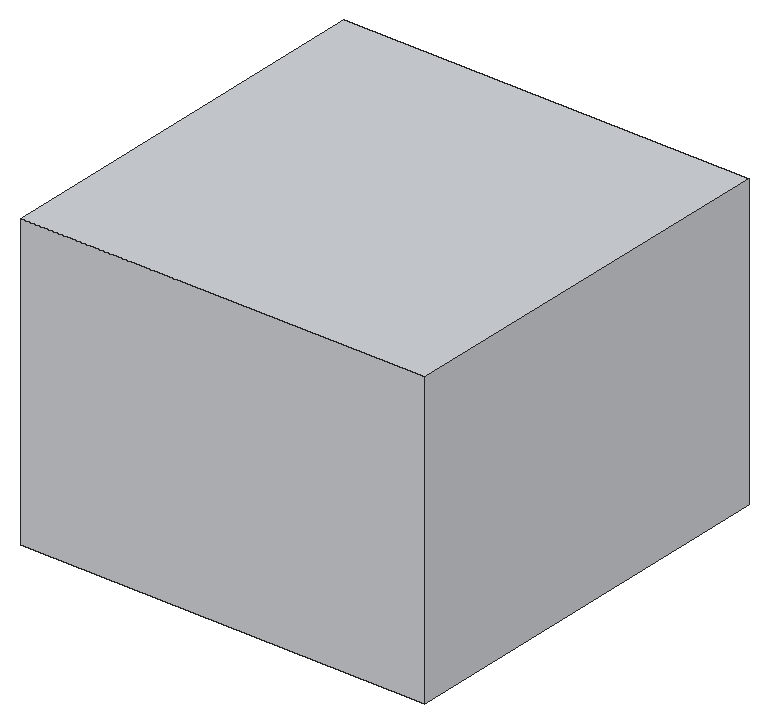
Revit family "e15971ab39874cac993330e5e5495992", category Nurse Call Devices, host Face, Revit 2021
Family settings
  Host = Face
  Maintain Annotation Orientation = Yes
  Round Connector Dimension = Use Diameter
  Part Type = Normal
  OmniClass Number = 23.85.30.24.14
  OmniClass Title = Nurse Call Systems
  Seek Item ID = Nurse Call Dome Light-0000-USA-ENU
  Cut with Voids When Loaded = No
  Shared = No
  Room Calculation Point = No
Parameters (values of type "Standard")
  Label = "N"
  Default Elevation = 4' - 0"
  Width = 0' - 4 9/16"
  Material = none
  Length = 0' - 4 9/16"
  Height = 0' - 3 77/256"
Reference planes (in)
  plane 1 "Center (Front/Back)": y = 0
  plane 2: z = 0
  plane 3 "Center (Left/Right)": x = 0
  plane 4: y = -4.5625
  plane 5: x = -2.28125
  plane 6: x = 2.28125
  plane 7: z = 3.30078
Forms (in)
  Extrusion 1, solid, material <- "Material"
    sketch origin (0, 0, 0) x (1, 0, 0) y (0, 1, 0)
      loop
        line (-2.28125, 0) -> (-2.28125, -4.5625) -> (2.28125, -4.5625) -> (2.28125, 0) -> (-2.28125, 0)
    from 0 to 3.30078
Lines and regions (in)
  symbolic lines, detail levels fine
    curve 1: line (2.28125, 0, 3.30078) -> (-2.28125, 0, 3.30078)
    curve 2: line (-2.28125, 0, 3.30078) -> (-2.28125, 0, 0)
    curve 3: line (2.28125, 0, 0) -> (2.28125, 0, 3.30078)
    curve 4: line (2.28125, 0, 0) -> (-2.28125, 0, 0)
Dimensions and locks (in)
  equal spacing: plane 5, plane 3 "Center (Left/Right)", plane 6
  "Length": plane 5 to plane 6
  "Width": plane 1 "Center (Front/Back)" to plane 4
  "Height": plane 7 to plane 2
  aligned and locked: plane 2 to host face
  aligned and locked: level to host face
  aligned and locked: plane 5 to Extrusion 1 sketch curve
  aligned and locked: plane 1 "Center (Front/Back)" to Extrusion 1 sketch curve
  aligned and locked: plane 4 to Extrusion 1 sketch curve
  aligned and locked: Extrusion 1 sketch curve to plane 6
  aligned and locked: Extrusion 1 to plane 2
  aligned and locked: plane 1 "Center (Front/Back)" to nested 1
  aligned and locked: plane 3 "Center (Left/Right)" to nested 1
  aligned and locked: plane 7 to Extrusion 1
  aligned and locked: curve 1 to Extrusion 1
  aligned and locked: curve 2 to Extrusion 1
  aligned and locked: curve 3 to Extrusion 1
  aligned and locked: curve 4 to Extrusion 1
Automatic sketch dimensions
  host sketch curve to host sketch curve = 8' - 0"  (x2)
Nested families (in)
  nested 1: "Nurse Call Dome Light Annotation" at (0, 0, 0), type "Nurse Call Dome Light Annotation", detail levels coarse+medium
Connectors (in)
  electrical at (0, -2.28125, 0)
    settings: on Extrusion 1, index 1, voltage 0 V, apparent load 0 VA, apparent load phase1 0 VA, apparent load phase2 0 VA, apparent load phase3 0 VA, power factor 1, load classification "Other", number of poles 1, system type 12, power factor state 1, is connector primary yes, connector utility no, sub classification motor no, connector description ""
Definition of nested family "Nurse Call Dome Light Annotation"
  Parameters
    Label Annotation = "N"
  Reference planes (in)
    plane 1: y = 0
    plane 2: x = 0
  Lines and regions (in)
    reference lines
      curve 1: line (0.07813, 0.44323, 0) -> (0.07812, -0.22769, 0)
      curve 3: line (-0.07813, 0.44323, 0) -> (-0.07812, -0.22769, 0)
      curve 4: line (-0.19318, 0.15625, 0) -> (0.77822, 0.15625, 0)
      curve 5: line (-0.19318, 0, 0) -> (0.77822, 0, 0)
    detail lines
      curve 2: circle (0, 0.07813, 0) r 0.0625 normal (0, 0, 1)
      curve 6: line (-0.07812, 0, 0) -> (-0.04419, 0.03393, 0)
      curve 7: line (0.07812, 0.15625, 0) -> (0.04419, 0.12232, 0)
      curve 8: line (-0.07812, 0.15625, 0) -> (-0.04419, 0.12232, 0)
      curve 9: line (0.07812, 0, 0) -> (0.04419, 0.03393, 0)
  Text (in)
    label "N" at (-0.04734, 0.0749, 0), shows "Label Annotation"
  Dimensions and locks (in)
    locked: plane 2 to curve 1 at 0.07812
    locked: curve 3 to plane 2 at 0.07812
    plane 1 to curve 4 = 0' - 0 5/32"
    curve 5 to plane 1 = 0' - 0"
    radius of curve 2 = 0' - 0 1/16"
